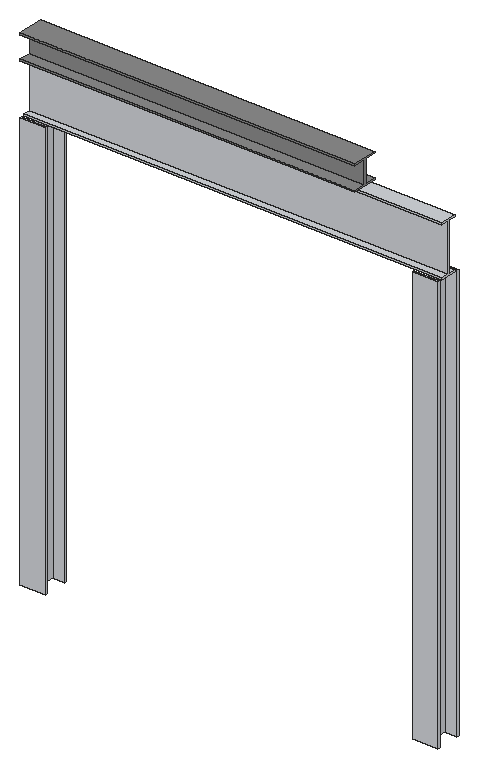
Revit family "STTC_A3-First-Floor-Structural-Support-Beam", category Structural Framing, Revit 2016
Family settings
  Section Shape = Not Defined
  Material for Model Behavior = Other
  Always export as geometry = No
  Work Plane-Based = No
  Always vertical = Yes
  Cut with Voids When Loaded = No
  Symbolic Representation = From Family
  Shared = No
  Show family pre-cut in plan views = Yes
Parameters (values of type "First Floor Structural Support Beam")
  length 2 [instance] = 2000 mm
  length 1 [instance] = 2500 mm
  column Height [instance] = 2500 mm
  Assembly Code = ""
Reference planes
  plane 1 "Center (Front/Back)": y = 0
  plane 2: z = -0.019
  plane 3 "Center (Left/Right)": x = 0
  plane 4: x = 2000
  plane 5: x = 2500
  plane 6: z = -2957
  plane 7: z = -457
Forms (mm)
  Sweep 1, solid, material "Metal - Steel"
    path origin (0, 0, 0) x (1, 0, 0) y (0, 1, 0)
      loop
        line (0, 0) -> (2000, 0)
    profile origin (1000, 0, 0) x (0, 1, 0) y (0, 0, 1)
      loop
        line (76, 0) -> (-76, 0) -> (-76, -10) -> (-5, -10) -> (-5, -142) -> (-76, -142) -> (-76, -152) -> (76, -152) -> (76, -142) -> (5, -142) -> (5, -10) -> (76, -10) -> (76, 0)
  Sweep 2, solid
    path origin (0, 0, 0) x (1, 0, 0) y (0, 1, 0)
      loop
        line (2500, 0) -> (0, 0)
    profile origin (1250, 0, 0) x (0, -1, 0) y (0, 0, 1)
      loop
        line (-51, -152) -> (-51, -162) -> (-5, -162) -> (-5, -447) -> (-51, -447) -> (-51, -457) -> (51, -457) -> (51, -447) -> (5, -447) -> (5, -162) -> (51, -162) -> (51, -152) -> (-51, -152)
  Sweep 3, solid
    path origin (0, 0, 0) x (1, 0, 0) y (0, 0, 1)
      loop
        line (0, -457) -> (0, -2957)
    profile origin (0, 0, -1707) x (0, -1, 0) y (1, 0, 0)
      loop
        line (76, 0) -> (76, 152) -> (66, 152) -> (66, 81) -> (-66, 81) -> (-66, 152) -> (-76, 152) -> (-76, 0) -> (-66, 0) -> (-66, 71) -> (66, 71) -> (66, 0) -> (76, 0)
  Sweep 4, solid
    path origin (4289.021, 0, 0) x (-1, 0, 0) y (0, 0, 1)
      loop
        line (1789.021, -457) -> (1789.021, -2957)
    profile origin (2500, 0, -1707) x (0, -1, 0) y (1, 0, 0)
      loop
        line (76, 0) -> (66, 0) -> (66, -71) -> (-66, -71) -> (-66, 0) -> (-76, 0) -> (-76, -152) -> (-66, -152) -> (-66, -81) -> (66, -81) -> (66, -152) -> (76, -152) -> (76, 0)
Lines and regions (mm)
  symbolic lines, style "HiddenStructuralFramingLines"
    curve 1: line (2000, 76, 0) -> (0, 76, 0)
    curve 2: line (0, -76, 0) -> (2000, -76, 0)
    curve 3: line (0, -51, 0) -> (2500, -51, 0)
    curve 4: line (2500, 51, 0) -> (0, 51, 0)
Dimensions and locks
  "length 2": plane 3 "Center (Left/Right)" to plane 4
  "length 1": plane 3 "Center (Left/Right)" to plane 5
  locked: level to plane 7 at 457
  "column Height": plane 7 to plane 6
  aligned and locked: plane 1 "Center (Front/Back)" to Sweep 1 sketch curve
  aligned and locked: plane 3 "Center (Left/Right)" to Sweep 1 sketch curve
  aligned and locked: plane 3 "Center (Left/Right)" to Sweep 2 sketch curve
  aligned and locked: plane 5 to Sweep 2 sketch curve
  aligned and locked: curve 1 to Sweep 1
  aligned and locked: curve 2 to Sweep 1
  aligned and locked: curve 3 to Sweep 2
  aligned and locked: curve 4 to Sweep 2
  aligned and locked: Sweep 4 sketch curve to plane 5
  aligned and locked: plane 7 to Sweep 4 sketch curve
  aligned and locked: plane 6 to Sweep 4 sketch curve
Automatic sketch dimensions
  curve 1 to plane 3 "Center (Left/Right)" = 0 mm
  curve 2 to plane 3 "Center (Left/Right)" = 0 mm
  curve 3 to plane 3 "Center (Left/Right)" = 0 mm
  curve 4 to plane 3 "Center (Left/Right)" = 0 mm
  curve 2 to plane 4 = 0 mm
  curve 1 to plane 4 = 0 mm
  curve 4 to plane 5 = 0 mm
  curve 3 to plane 5 = 0 mm
  Sweep 1 sketch curve to plane 4 = 0 mm
  Sweep 1 sketch curve to level = 0 mm
  profile plane to Sweep 1 sketch curve = 76 mm  (x2)
  profile plane to Sweep 1 sketch curve = 5 mm
  Sweep 1 sketch curve to profile plane = 5 mm
  Sweep 1 sketch curve to level = 10 mm  (x2)
  Sweep 1 sketch curve to Sweep 1 sketch curve = 71 mm  (x2)
  Sweep 1 sketch curve to Sweep 1 sketch curve = 132 mm
  Sweep 1 sketch curve to Sweep 1 sketch curve = 0 mm
  Sweep 1 sketch curve to Sweep 1 sketch curve = 10 mm
  Sweep 2 sketch curve to plane 1 "Center (Front/Back)" = 0 mm
  profile plane to Sweep 2 sketch curve = 51 mm  (x2)
  profile plane to Sweep 2 sketch curve = 5 mm
  Sweep 2 sketch curve to profile plane = 5 mm
  Sweep 2 sketch curve to Sweep 2 sketch curve = 46 mm  (x2)
  Sweep 2 sketch curve to level = 457 mm
  Sweep 2 sketch curve to Sweep 2 sketch curve = 10 mm  (x3)
  Sweep 2 sketch curve to level = 162 mm
  Sweep 2 sketch curve to Sweep 2 sketch curve = 0 mm
  Sweep 3 sketch curve to plane 3 "Center (Left/Right)" = 0 mm
  Sweep 3 sketch curve to plane 6 = 0 mm
  Sweep 3 sketch curve to plane 7 = 0 mm
  Sweep 3 sketch curve to profile plane = 0 mm  (x2)
  Sweep 3 sketch curve to plane 1 "Center (Front/Back)" = 76 mm
  Sweep 3 sketch curve to Sweep 3 sketch curve = 10 mm  (x4)
  plane 1 "Center (Front/Back)" to Sweep 3 sketch curve = 66 mm
  Sweep 3 sketch curve to Sweep 3 sketch curve = 0 mm
  Sweep 3 sketch curve to Sweep 3 sketch curve = 71 mm  (x3)
  Sweep 4 sketch curve to profile plane = 0 mm  (x2)
  Sweep 4 sketch curve to plane 1 "Center (Front/Back)" = 76 mm
  Sweep 4 sketch curve to Sweep 4 sketch curve = 10 mm  (x4)
  plane 1 "Center (Front/Back)" to Sweep 4 sketch curve = 66 mm
  Sweep 4 sketch curve to Sweep 4 sketch curve = 0 mm
  Sweep 4 sketch curve to Sweep 4 sketch curve = 71 mm  (x3)
